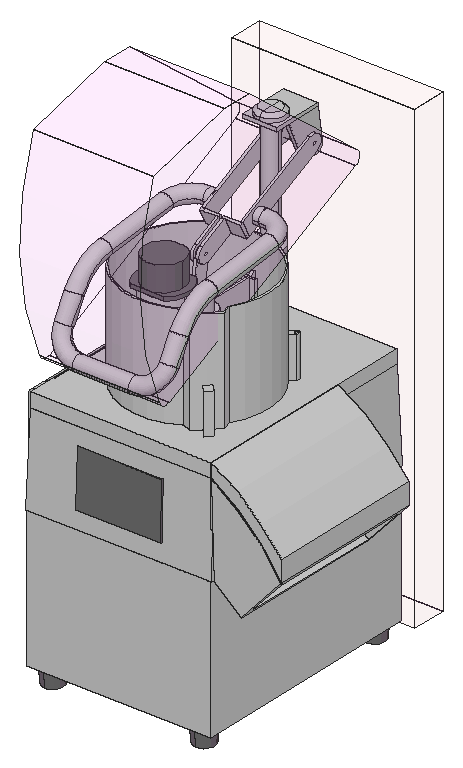
Revit family "Cortadora_CA-41_1_GENERADO", category Equipos especializados, Revit 2014
Parameters (values of type "Vegetable preparation machine CA-41 220-380/60/3N")
  Width = 391 mm
  Weight in Pounds = 51.8
  Volts = 220 V
  URL Cutsheet = "http://www.sammic.com/dl/455019/7b4ae/ps-en-1050726-vegetable-preparation-machine-ca-41.pdf"
  URL = "https://www.sammic.com/model/1050726"
  Specification by Manufacturer = "Single-speed motor block +  large production attachment.\n· Uniform, high-quality cut.\n· Ergonomic design.\n· Head with blade on one side that cuts and distributes products inside the mouth and distributes whole products such as cabbage.\n· High ejector: processes a higher quantity of product, obtaining a high production without affecting the final quality.\n· Lateral product output: requires less space on the worktop and guides the product, avoiding splashes.\n· Lever and lid easily removable for cleaning purposes.\n· Accredited by NSF International."
  Show Logo [instance] = yes
  Show Clearances [instance] = yes
  Revision Code = "1"
  Phase = 3
  Modelo = "1050726"
  Height = 652 mm
  Foodservice Equipment Identifier = yes
  Fabricante = "SAMMIC S.L."
  FL Amps = 2 A
  Electric Connection Type = ""
  Descripción = "Vegetable preparation machine CA-41 220-380/60/3N"
  Depth = 396 mm
  Cycle = 60 Hz
  Type Comments = "High production vegetable preparation machine with an hourly output of up to 1,300 lbs. / 650 Kg.\n\nELECTRICAL DATA:\n\n380V/60Hz/3N~ (1.5A)"
Types (8, lengths in mm): name | Width | Weight in Pounds | Volts | URL Cutsheet | URL | Phase | Modelo | Height | Fabricante | FL Amps | Electric Connection Type | Descripción | Depth | Cycle | Type Comments
  (no name) | 0 | 0 | 0 V | "" | 0 | 0 | 0 | 0 | 0 | 0 A | "" | 0 | 0 | 0 Hz | ""
  Vegetable preparation machine CA-41 230-400/50/3N | 391 | 51.8 | 400 V | "http://www.sammic.com/dl/454798/7ac7e/ps-en-1050721-vegetable-preparation-machine-ca-41.pdf" | "https://www.sammic.com/model/1050721" | 3 | "1050721" | 652 | "SAMMIC S.L." | 1 A | "" | "Vegetable preparation machine CA-41 230-400/50/3N" | 396 | 50 Hz | "High production vegetable preparation machine with an hourly output of up to 1,300 lbs. / 650 Kg.\n\nELECTRICAL DATA:\n\n230V/50Hz/3~ (2.6A)"
  Vegetable preparation machine CA-41 230/50/1 | 391 | 52.9 | 230 V | "http://www.sammic.com/dl/455021/81103/ps-en-1050731-vegetable-preparation-machine-ca-41.pdf" | "https://www.sammic.com/model/1050731" | 1 | "1050731" | 652 | "SAMMIC S.L." | 3 A | "" | "Vegetable preparation machine CA-41 230/50/1" | 396 | 50 Hz | "High production vegetable preparation machine with an hourly output of up to 1,300 lbs. / 650 Kg.\n\nELECTRICAL DATA:\n\n  V/50Hz/  ~ (  A)"
  Vegetable preparation machine CA-41 120/60/1 | 391 | 52.9 | 120 V | "http://www.sammic.com/dl/454797/79c74/ps-en-1050720-vegetable-preparation-machine-ca-41.pdf" | "https://www.sammic.com/model/1050720" | 1 | "1050720" | 652 | "SAMMIC S.L." | 4 A | "USA" | "Vegetable preparation machine CA-41 120/60/1" | 396 | 60 Hz | "High production vegetable preparation machine with an hourly output of up to 1,300 lbs. / 650 Kg.\n\nELECTRICAL DATA:\n\n  V/60Hz/  ~ (  A)"
  Vegetable preparation machines CA-41 220/60/1 KSA | 391 | 52.9 | 220 V | "http://www.sammic.com/dl/454799/2c9ff/ps-en-1050722-vegetable-preparation-machine-ca-41.pdf" | "https://www.sammic.com/model/1050722" | 1 | "1050722" | 652 | "SAMMIC S.L." | 3 A | "" | "Vegetable preparation machines CA-41 220/60/1 KSA" | 396 | 60 Hz | "High production vegetable preparation machine with an hourly output of up to 1,300 lbs. / 650 Kg.\n\nELECTRICAL DATA:\n\n  V/60Hz/  ~ (  A)"
  Vegetable preparation machine CA-41 220/60/1 | 391 | 52.9 | 220 V | "http://www.sammic.com/dl/455018/9b6e6/ps-en-1050725-vegetable-preparation-machine-ca-41.pdf" | "https://www.sammic.com/model/1050725" | 1 | "1050725" | 652 | "SAMMIC S.L." | 3 A | "EU" | "Vegetable preparation machine CA-41 220/60/1" | 396 | 60 Hz | "High production vegetable preparation machine with an hourly output of up to 1,300 lbs. / 650 Kg.\n\nELECTRICAL DATA:\n\n  V/60Hz/  ~ (  A)"
  Vegetable preparation machine CA-41 220-380/60/3N | 391 | 51.8 | 220 V | "http://www.sammic.com/dl/455019/7b4ae/ps-en-1050726-vegetable-preparation-machine-ca-41.pdf" | "https://www.sammic.com/model/1050726" | 3 | "1050726" | 652 | "SAMMIC S.L." | 2 A | "" | "Vegetable preparation machine CA-41 220-380/60/3N" | 396 | 60 Hz | "High production vegetable preparation machine with an hourly output of up to 1,300 lbs. / 650 Kg.\n\nELECTRICAL DATA:\n\n380V/60Hz/3N~ (1.5A)"
  Vegetable preparation machine CA-41 230/50/1 AUS | 391 | 52.9 | 230 V | "http://www.sammic.com/dl/455020/ca6f1/ps-en-1050728-vegetable-preparation-machine-ca-41.pdf" | "https://www.sammic.com/model/1050728" | 1 | "1050728" | 652 | "SAMMIC S.L." | 3 A | "AU/NZ" | "Vegetable preparation machine CA-41 230/50/1 AUS" | 396 | 50 Hz | "High production vegetable preparation machine with an hourly output of up to 1,300 lbs. / 650 Kg.\n\nELECTRICAL DATA:\n\n  V/50Hz/  ~ (  A)"
Values of the unnamed type that differ from the named types
  Specification by Manufacturer = ""
  Revision Code = ""
Reference planes
  plane 1 "Centro (Frontal/Posterior)": y = 0
  plane 2: z = 0
  plane 3 "Centro (Izquierda/Derecha)": x = 0
  plane 4: x = 357.084
  plane 5: x = -17.689
  plane 6: y = 25.2
  plane 7: z = 603.55
  plane 8: y = -28.249
Forms (mm)
  Extrusion 1, solid
    sketch origin (0, 0, 0) x (1, 0, 0) y (0, 1, 0)
      loop
        line (0, 0) -> (0, -336.5) -> (259.8, -336.5) -> (259.8, 0) -> (0, 0)
    from 21 to 219
  Revolve 2, solid
    sketch origin (23, 0, 0) x (0, 1, 0) y (0, 0, 1)
      loop
        line (-335, 21) -> (-333.5, 0) -> (-319, 0) -> (-319, 21) -> (-335, 21)
      axis (-319, 21) -> (-319, 0)
    angle from 0 to 360
  Revolve 3, solid
    sketch origin (236.8, 0, 0) x (0, 1, 0) y (0, 0, 1)
      loop
        line (-335, 21) -> (-333.5, 0) -> (-319, 0) -> (-319, 21) -> (-335, 21)
      axis (-319, 21) -> (-319, 0)
    angle from 0 to 360
  Revolve 4, solid
    sketch origin (236.8, 301.5, 0) x (0, 1, 0) y (0, 0, 1)
      loop
        line (-335, 21) -> (-333.5, 0) -> (-319, 0) -> (-319, 21) -> (-335, 21)
      axis (-319, 21) -> (-319, 0)
    angle from 0 to 360
  Revolve 5, solid
    sketch origin (23, 301.5, 0) x (0, 1, 0) y (0, 0, 1)
      loop
        line (-335, 21) -> (-333.5, 0) -> (-319, 0) -> (-319, 21) -> (-335, 21)
      axis (-319, 21) -> (-319, 0)
    angle from 0 to 360
  Extrusion 6, solid
    sketch origin (0, 6.438, 118.514) x (0, 0.999908, 0.013581) y (0, -0.013581, 0.999908)
      loop
        line (-337.559, 209.463) -> (-338.558, 209.506) -> (-341.99, 129.58) -> (-340.991, 129.537) -> (-337.559, 209.463)
    from 69.9 to 189.9
  Revolve 7, solid
    sketch origin (-190.1, -3.6, 263.3) x (1, 0, 0) y (0, 1, 0)
      loop
        line (211.45, 2.8) -> (224.95, 2.8) -> (224.95, 28.8) -> (211.45, 28.8) -> (211.45, 2.8)
      axis (224.95, 28.8) -> (224.95, 2.8)
    angle from 0 to 360
  Extrusion 8, solid
    sketch origin (0, 0, 0) x (0, 1, 0) y (0, 0, 1)
      loop
        line (-66.749, 643.55) -> (-43.092, 590.479)
        arc (-43.092, 590.479) -> (-39.403, 586.162) -> (-33.959, 584.55) r 10
        line (-33.959, 584.55) -> (-17.73, 584.55)
        arc (-17.73, 584.55) -> (-10.133, 588.046) -> (-7.849, 596.091) r 10
        line (-7.849, 596.091) -> (-15.249, 643.55) -> (-66.749, 643.55)
      loop
        circle (-28.249, 603.55) r 6.125
    from 106.468 to 111.468
  Extrusion 9, solid
    sketch origin (43, 0, 0) x (0, 1, 0) y (0, 0, 1)
      loop
        line (-66.749, 643.55) -> (-43.092, 590.479)
        arc (-43.092, 590.479) -> (-39.403, 586.162) -> (-33.959, 584.55) r 10
        line (-33.959, 584.55) -> (-17.73, 584.55)
        arc (-17.73, 584.55) -> (-10.133, 588.046) -> (-7.849, 596.091) r 10
        line (-7.849, 596.091) -> (-15.249, 643.55) -> (-66.749, 643.55)
      loop
        circle (-28.249, 603.55) r 6.125
    from 106.468 to 111.468
  Extrusion 10, solid
    sketch origin (0, 0, 0) x (0, 1, 0) y (0, 0, 1)
      loop
        line (-88.249, 643.55) -> (-15.249, 643.55) -> (-15.249, 648.55) -> (-88.249, 648.55) -> (-88.249, 643.55)
    from 106.468 to 154.468
  Revolve 11, solid
    sketch origin (130.468, 0, 0) x (0, 1, 0) y (0, 0, 1)
      loop
        line (-85.249, 495.65) -> (-85.249, 483.65) -> (-67.749, 483.65) -> (-67.749, 495.65) -> (-85.249, 495.65)
      axis (-67.749, 495.65) -> (-67.749, 483.65)
    angle from 0 to 360
  Extrusion 12, solid
    sketch origin (0, 0, 0) x (1, 0, 0) y (0, 1, 0)
      loop
        circle (130.468, -67.749) r 11
    from 495.65 to 643.55
  Revolve 13, solid
    sketch origin (130.468, 0, 0) x (0, 1, 0) y (0, 0, 1)
      loop
        line (-87.749, 648.55) -> (-67.749, 648.55) -> (-67.749, 658.55) -> (-82.749, 658.55) -> (-87.749, 653.55) -> (-87.749, 648.55)
      axis (-67.749, 658.55) -> (-67.749, 648.55)
    angle from 0 to 360
  Extrusion 14, solid
    sketch origin (0, 0, 0) x (1, 0, 0) y (0, 1, 0)
      loop
        circle (130.52, -257.976) r 27.5
    from 520.75 to 555.75
  Extrusion 15, solid
    sketch origin (-127.456, -388.496, 0) x (0, 1, 0) y (-1, 0, 0)
      loop
        line (101.52, -234.933) -> (101.52, -281.019)
        arc (101.52, -281.019) -> (130.551, -294.976) -> (159.52, -280.889) r 37
        line (159.52, -280.889) -> (159.52, -235.063)
        arc (159.52, -235.063) -> (130.551, -220.976) -> (101.52, -234.933) r 37
    from 515.75 to 520.75
  Extrusion 16, solid
    sketch origin (0, 0, 0) x (0, 1, 0) y (0, 0, 1)
      loop
        arc (-370.117, 444.8) -> (-363.489, 437.196) -> (-353.402, 437.283) r 12.066
        line (-353.402, 437.283) -> (-23.14, 592.692)
        arc (-23.14, 592.692) -> (-16.428, 601.487) -> (-19.764, 612.035) r 12
        line (-19.764, 612.035) -> (-211.712, 767.3) -> (-255.375, 767.3) -> (-381.193, 735.858)
        arc (-381.193, 735.858) -> (-404.905, 589.216) -> (-370.117, 444.8) r 376.928
    from 45.159 to 215.183
  Extrusion 17, solid
    sketch origin (0, 0, 0) x (0, 1, 0) y (0, 0, 1)
      loop
        line (25.2, 658.55) -> (25.2, 0) -> (75.2, 0) -> (75.2, 658.55) -> (25.2, 658.55)
    from 0 to 259.8
Lines and regions (mm)
  symbolic lines, style "200-EquipBorder-2D"
    curve 1: line (48.321, 25.2, 0) -> (21.35, 25.2, 0)
    curve 2: line (21.35, 25.2, 0) -> (21.35, 0, 0)
    curve 3: line (21.35, 0, 0) -> (-1.6, 0, 0)
    curve 4: line (357.084, -333.216, 0) -> (357.084, -107.816, 0)
    curve 5: line (261.4, 0, 0) -> (48.321, 0, 0)
    curve 6: line (48.321, 0, 0) -> (48.321, 25.2, 0)
    curve 7: line (-1.6, -337, 0) -> (-1.6, -311.7, 0)
    curve 8: line (-1.6, -311.7, 0) -> (-17.689, -311.7, 0)
    curve 9: line (-17.689, -311.7, 0) -> (-17.689, -291.7, 0)
    curve 10: line (-17.689, -291.7, 0) -> (-1.6, -291.7, 0)
    curve 11: line (-1.6, -291.7, 0) -> (-1.6, -290.7, 0)
    curve 12: line (-1.6, -290.7, 0) -> (-17.689, -290.7, 0)
    curve 13: line (-17.689, -290.7, 0) -> (-17.689, -86.2, 0)
    curve 14: line (-17.689, -86.2, 0) -> (-1.6, -86.2, 0)
    curve 15: line (-1.6, -86.2, 0) -> (-1.6, -85.2, 0)
    curve 16: line (-1.6, -85.2, 0) -> (-17.689, -85.2, 0)
    curve 17: line (-17.689, -85.2, 0) -> (-17.689, -65.2, 0)
    curve 18: line (-17.689, -65.2, 0) -> (-1.6, -65.2, 0)
    curve 19: line (-1.6, -65.2, 0) -> (-1.6, 0, 0)
    curve 20: line (261.4, 0, 0) -> (261.4, -107.816, 0)
    curve 21: line (261.4, -107.816, 0) -> (357.084, -107.816, 0)
    curve 22: line (-1.6, -337, 0) -> (44.968, -337, 0)
    curve 23: line (44.968, -337, 0) -> (44.968, -341, 0)
    curve 24: line (44.968, -341, 0) -> (215.968, -337, 0)
    curve 25: line (215.968, -337, 0) -> (261.4, -337, 0)
    curve 26: line (261.4, -337, 0) -> (261.4, -333.216, 0)
    curve 27: line (261.4, -333.216, 0) -> (357.084, -333.216, 0)
  symbolic lines, style "QF-Door-Drawer_Clearances"
    curve 28: line (45.159, -405.178, 0) -> (215.183, -405.178, 0)
  symbolic lines, style "QF-Clearances"
    curve 29: line (0, 75.2, 0) -> (259.8, 75.2, 0)
Dimensions and locks
  aligned and locked: level to plane 2
Nested families
  nested 1: "CK-35_Cortadora_Entrada" at (0, 0, 0), type "CK-35_Cortadora_Entrada"
    with Show Logo yes, Show Clearances yes
  nested 2: "CA-401_Cortadora_Entrada_Tapa" at (0, 0, 0), type "CA-401_Cortadora_Entrada_Tapa"
    with Show Logo yes, Show Clearances yes
  nested 3: "CA-401_Cortadora_Pisador" at (0, 0, 0), type "CA-401_Cortadora_Pisador"
    with Show Logo yes, Show Clearances yes
  nested 4: "CA-401_Cortadora_Palanca" at (130.468, -209.849, 11.171), type "CA-401_Cortadora_Palanca"
    with Show Logo yes, Show Clearances yes
Connectors
  electrical at (34.85, -0.8, 263.3)
    settings: on Revolve 7, index 1, voltage 230 V, apparent load 0 VA, apparent load phase1 0 VA, apparent load phase2 0 VA, apparent load phase3 0 VA, power factor 1, load classification "Otro", number of poles 1, system type 31, power factor state 1, is connector primary yes, connector utility no, sub classification motor no, connector description "Conexion electrica"
Definition of nested family "CK-35_Cortadora_Entrada"
  Parameters (values of type "CK-35_Cortadora_Entrada")
    Show Logo [instance] = yes
    Show Clearances [instance] = yes
  Reference planes
    plane 1 "Centro (Frontal/Posterior)": y = 0
    plane 2: z = 0
    plane 3 "Centro (Izquierda/Derecha)": x = 0
    plane 4: z = 219
  Forms (mm)
    Extrusion 1, solid
      sketch origin (0, 0, 0) x (1, 0, 0) y (0, 1, 0)
        loop
          line (-1.6, 0.5) -> (-1.6, -337) -> (261.4, -337) -> (261.4, 0.5) -> (-1.6, 0.5)
      from 219 to 348
    Extrusion 2, void
      sketch origin (0, 0, 0) x (1, 0, 0) y (0, 0, 1)
        loop
          line (2.9, 367.3) -> (2.9, 368.3) -> (-2.6, 368.3) -> (-2.6, 218) -> (-1.6, 218) -> (-1.6, 219) -> (2.9, 367.3)
        loop
          line (256.9, 368.3) -> (256.9, 367.3) -> (261.4, 219) -> (261.4, 218) -> (262.4, 218) -> (262.4, 368.3) -> (256.9, 368.3)
      from 0 to 337
    Extrusion 3, void
      sketch origin (0, 0, 0) x (0, 1, 0) y (0, 0, 1)
        loop
          line (-332.65, 367.3) -> (-332.65, 368.3) -> (-338, 368.3) -> (-338, 218) -> (-337, 218) -> (-337, 219) -> (-332.65, 367.3)
        loop
          line (-3.85, 367.3) -> (0, 219) -> (0, 218) -> (1.5, 218) -> (1.5, 368.3) -> (-3.85, 368.3) -> (-3.85, 367.3)
      from -1.6 to 261.4
    Extrusion 4, solid
      sketch origin (0, 0, 0) x (1, 0, 0) y (0, 0, 1)
        loop
          line (261.4, 219) -> (301, 185.8) -> (357.084, 248.401)
          arc (357.084, 248.401) -> (313.501, 304.417) -> (257.486, 348) r 286.5
          line (257.486, 348) -> (261.4, 219)
      from 107.816 to 333.216
    Extrusion 5, void
      sketch origin (0, 0, 0) x (1, 0, 0) y (0, 0, 1)
        loop
          line (262.77, 338.706) -> (266.33, 221.392) -> (308.172, 186.312) -> (356.653, 240.426)
          arc (356.653, 240.426) -> (315.239, 294.846) -> (262.77, 338.706) r 305.9
      from 112.816 to 328.216
    Extrusion 6, solid
      sketch origin (0, 0, 0) x (1, 0, 0) y (0, 0, 1)
        loop
          line (-0.426, 257.7) -> (2.314, 348)
          arc (2.314, 348) -> (-7.687, 358.002) -> (-17.689, 348) r 10.002
          line (-17.689, 348) -> (-17.689, 282.8) -> (-0.426, 257.7)
        loop
          circle (-7.687, 348) r 5
      from 291.7 to 311.7
    Extrusion 7, solid
      sketch origin (0, 231.5, 0) x (1, 0, 0) y (0, 0, 1)
        loop
          line (-0.426, 257.7) -> (2.314, 348)
          arc (2.314, 348) -> (-7.687, 358.002) -> (-17.689, 348) r 10.002
          line (-17.689, 348) -> (-17.689, 282.8) -> (-0.426, 257.7)
        loop
          circle (-7.687, 348) r 5
      from 296.7 to 316.7
  Cuts and joins
    Extrusion 2, Extrusion 3 cuts Extrusion 1
    Extrusion 5 cuts Extrusion 4
  Dimensions and locks
    aligned and locked: level to plane 2
Definition of nested family "CA-401_Cortadora_Entrada_Tapa"
  Parameters (values of type "CA-401_Cortadora_Entrada_Tapa")
    Show Logo [instance] = yes
    Show Clearances [instance] = yes
  Reference planes
    plane 1 "Centro (Frontal/Posterior)": y = 0
    plane 2: z = 0
    plane 3 "Centro (Izquierda/Derecha)": x = 0
    plane 4: z = 348
    plane 5: y = -198.591
    plane 6: x = 130.468
  Forms (mm)
    Extrusion 1, solid
      sketch origin (0, 0, 0) x (1, 0, 0) y (0, 1, 0)
        loop
          line (-1.6, 0.5) -> (-1.6, -337) -> (261.4, -337) -> (261.4, 0.5) -> (-1.6, 0.5)
      from 348 to 367.3
    Extrusion 2, void
      sketch origin (0, 0, 0) x (1, 0, 0) y (0, 0, 1)
        loop
          line (2.9, 367.3) -> (2.9, 368.3) -> (-2.6, 368.3) -> (-2.6, 218) -> (-1.6, 218) -> (-1.6, 219) -> (2.9, 367.3)
        loop
          line (256.9, 368.3) -> (256.9, 367.3) -> (261.4, 219) -> (261.4, 218) -> (262.4, 218) -> (262.4, 368.3) -> (256.9, 368.3)
      from 0 to 337
    Extrusion 3, void
      sketch origin (0, 0, 0) x (0, 1, 0) y (0, 0, 1)
        loop
          line (-332.65, 367.3) -> (-332.65, 368.3) -> (-338, 368.3) -> (-338, 348) -> (-337, 348) -> (-337, 219) -> (-332.65, 367.3)
        loop
          line (-3.85, 367.3) -> (0, 219) -> (0, 218) -> (1.5, 218) -> (1.5, 368.3) -> (-3.85, 368.3) -> (-3.85, 367.3)
      from -1.6 to 261.4
    Extrusion 4, solid
      sketch origin (0, 0, 0) x (1, 0, 0) y (0, 0, 1)
        loop
          line (256.9, 367.3) -> (257.486, 348)
          arc (257.486, 348) -> (313.501, 304.417) -> (357.084, 248.401) r 286.5
          line (357.084, 248.401) -> (357.084, 278.8)
          arc (357.084, 278.8) -> (311.937, 328.648) -> (256.9, 367.3) r 302.8
      from 107.816 to 332.65
    Extrusion 5, solid
      sketch origin (0, 0, 0) x (1, 0, 0) y (0, 0, 1)
        loop
          line (2.9, 367.3) -> (-13.313, 356.269)
          arc (-13.313, 356.269) -> (-12.365, 339.16) -> (2.314, 348) r 10.002
          line (2.314, 348) -> (2.9, 367.3)
        loop
          circle (-7.687, 348) r 5
      from 86.2 to 290.7
    Extrusion 6, solid
      sketch origin (0, 0, 0) x (1, 0, 0) y (0, 1, 0)
        loop
          arc (191.103, -287.292) -> (205.777, -275.226) -> (218.097, -260.765) r 107.445
          line (218.097, -260.765) -> (215.183, -249.496)
          arc (215.183, -249.496) -> (61.195, -128.099) -> (179.886, -284.181) r 98.832
          line (179.886, -284.181) -> (191.103, -287.292)
        loop
          arc (216.86, -249.939) -> (60.026, -126.909) -> (180.301, -285.866) r 100.5
          line (180.301, -285.866) -> (192.689, -289.302)
          arc (192.689, -289.302) -> (207.568, -277.049) -> (220.079, -262.387) r 110
          line (220.079, -262.387) -> (216.86, -249.939)
      from 367.3 to 513.684
    Extrusion 7, solid
      sketch origin (0, 0, 0) x (1, 0, 0) y (0, 1, 0)
        loop
          circle (130.468, -67.749) r 12.1
        loop
          line (126.449, -84.346) -> (126.449, -98.171)
          arc (126.449, -98.171) -> (130.468, -98.091) -> (134.486, -98.171) r 100.5
          line (134.486, -98.171) -> (134.486, -84.346)
          arc (134.486, -84.346) -> (130.468, -50.673) -> (126.449, -84.346) r 17.076
        loop
          circle (211.568, -124.276) r 2.009
        loop
          line (208.848, -121.308) -> (201.785, -127.78)
          arc (201.785, -127.78) -> (204.564, -130.694) -> (207.225, -133.717) r 100.5
          line (207.225, -133.717) -> (214.288, -127.244)
          arc (214.288, -127.244) -> (214.536, -121.556) -> (208.848, -121.308) r 4.026
        loop
          line (214.656, -291.323) -> (221.848, -284.131) -> (211.115, -273.398)
          arc (211.115, -273.398) -> (207.57, -277.046) -> (203.86, -280.527) r 110
          line (203.86, -280.527) -> (214.656, -291.323)
      from 367.3 to 424.3
  Cuts and joins
    Extrusion 2, Extrusion 3 cuts Extrusion 1
  Dimensions and locks
    aligned and locked: level to plane 2
Definition of nested family "CA-401_Cortadora_Pisador"
  Parameters (values of type "CA-401_Cortadora_Pisador")
    Show Logo [instance] = yes
    Show Clearances [instance] = yes
  Reference planes
    plane 1 "Centro (Frontal/Posterior)": y = 0
    plane 2: z = 0
    plane 3 "Centro (Izquierda/Derecha)": x = 0
  Forms (mm)
    Extrusion 1, solid
      sketch origin (0, 0, 0) x (1, 0, 0) y (0, 1, 0)
        loop
          arc (146.25, -220.283) -> (148.839, -218.139) -> (151.14, -215.687) r 26.826
          arc (151.14, -215.687) -> (154.034, -214.24) -> (157.051, -215.408) r 4
          line (157.051, -215.408) -> (201.569, -259.925)
          arc (201.569, -259.925) -> (64.747, -131.524) -> (190.349, -270.92) r 93.9
          line (190.349, -270.92) -> (161.416, -241.988)
          arc (161.416, -241.988) -> (155.088, -233.321) -> (146.421, -226.993) r 34.818
          line (146.421, -226.993) -> (145.775, -226.346)
          arc (145.775, -226.346) -> (144.615, -223.205) -> (146.25, -220.283) r 4
        loop
          circle (130.52, -257.976) r 27.619
      from 367.3 to 375.3
    Extrusion 2, solid
      sketch origin (0, 0, 0) x (1, 0, 0) y (0, 1, 0)
        loop
          circle (130.52, -257.976) r 27.603
        loop
          circle (130.534, -257.94) r 30.298
      from 380.15 to 515.75
    Extrusion 3, solid
      sketch origin (0, 0, 0) x (1, 0, 0) y (0, 1, 0)
        loop
          arc (129.004, -174.026) -> (130.468, -223.2) -> (131.932, -174.026) r 24.609
          line (131.932, -174.026) -> (131.932, -108.629) -> (139.817, -108.629) -> (139.817, -105.143)
          arc (139.817, -105.143) -> (130.467, -104.691) -> (121.118, -105.173) r 93.859
          line (121.118, -105.173) -> (121.118, -108.629) -> (129.004, -108.629) -> (129.004, -174.026)
      from 380.15 to 459.15
    Extrusion 4, solid
      sketch origin (0, 0, 0) x (1, 0, 0) y (0, 1, 0)
        loop
          arc (201.702, -259.993) -> (64.757, -131.545) -> (190.45, -271.022) r 93.961
          line (190.45, -271.022) -> (161.416, -241.988)
          arc (161.416, -241.988) -> (155.088, -233.321) -> (146.421, -226.993) r 34.818
          line (146.421, -226.993) -> (145.773, -226.345)
          arc (145.773, -226.345) -> (144.614, -223.203) -> (146.251, -220.28) r 4
          arc (146.251, -220.28) -> (148.855, -218.124) -> (151.167, -215.656) r 26.743
          arc (151.167, -215.656) -> (154.061, -214.205) -> (157.081, -215.372) r 4
          line (157.081, -215.372) -> (201.702, -259.993)
        loop
          circle (130.52, -257.976) r 27.603
        loop
          circle (130.407, -257.983) r 30.432
        loop
          arc (144.983, -218.571) -> (147.392, -216.576) -> (149.529, -214.293) r 24.7
          arc (149.529, -214.293) -> (153.871, -212.115) -> (158.403, -213.865) r 6
          line (158.403, -213.865) -> (201.771, -257.233)
          arc (201.771, -257.233) -> (216.489, -232.097) -> (222.634, -203.625) r 92.237
          line (222.634, -203.625) -> (209.099, -203.625) -> (209.099, -193.557) -> (222.628, -193.557)
          arc (222.628, -193.557) -> (204.155, -143.081) -> (160.679, -111.474) r 92.237
          line (160.679, -111.474) -> (144.728, -111.474) -> (139.817, -108.629) -> (121.118, -108.629) -> (116.208, -111.474) -> (100.386, -111.474)
          arc (100.386, -111.474) -> (56.91, -143.08) -> (38.436, -193.557) r 92.237
          line (38.436, -193.557) -> (51.837, -193.557) -> (51.837, -203.625) -> (38.43, -203.625)
          arc (38.43, -203.625) -> (92.55, -282.698) -> (187.66, -271.06) r 92.237
          line (187.66, -271.06) -> (163.484, -246.884) -> (159.568, -242.968)
          arc (159.568, -242.968) -> (153.6, -234.79) -> (145.421, -228.821) r 32.8
          line (145.421, -228.821) -> (144.267, -227.668)
          arc (144.267, -227.668) -> (142.528, -222.954) -> (144.983, -218.571) r 6
      from 375.3 to 380.15
    Extrusion 5, solid
      sketch origin (0, 0, 225) x (1, 0, 0) y (0, 1, 0)
        loop
          circle (130.468, -67.749) r 12.1
        loop
          circle (130.468, -67.749) r 17.076
      from 199.3 to 258.65
    Extrusion 6, solid
      sketch origin (0, 0, 0) x (1, 0, 0) y (0, 0, 1)
        loop
          line (51.837, 380.15) -> (51.837, 375.3) -> (105.859, 375.3) -> (105.859, 401.3) -> (51.837, 380.15)
        loop
          line (155.077, 401.3) -> (155.077, 375.3) -> (209.099, 375.3) -> (209.099, 380.15) -> (155.077, 401.3)
      from 196.083 to 201.091
    Extrusion 7, solid
      sketch origin (0, 0, 0) x (0, 1, 0) y (0, 0, 1)
        loop
          line (-84.826, 483.65) -> (-104.656, 459.15) -> (-104.656, 424.3) -> (-84.826, 424.3) -> (-84.826, 483.65)
      from 127.968 to 132.968
    Revolve 8, solid
      sketch origin (130.468, 0, 0) x (0, 1, 0) y (0, 0, 1)
        loop
          line (-217.613, 459.15) -> (-198.613, 459.15) -> (-198.613, 483.65) -> (-213.113, 483.65) -> (-213.113, 478.65) -> (-217.613, 478.65) -> (-217.613, 459.15)
        axis (-198.613, 483.65) -> (-198.613, 459.15)
      angle from 0 to 360
    Extrusion 9, void
      sketch origin (130.468, 0, 459.15) x (1, 0, 0) y (0, 1, 0)
        loop
          line (-2.4, -213.313) -> (2.4, -213.313) -> (2.4, -183.913) -> (-2.4, -183.913) -> (-2.4, -213.313)
      from 19.5 to 25
  Cuts and joins
    Extrusion 9 cuts Revolve 8
  Dimensions and locks
    aligned and locked: level to plane 2
Definition of nested family "CA-401_Cortadora_Palanca"
  Parameters (values of type "CA-401_Cortadora_Palanca")
    Show Logo [instance] = yes
    Show Clearances [instance] = yes
  Reference planes
    plane 1 "Centro (Frontal/Posterior)": y = 0
    plane 2: z = 0
    plane 3 "Centro (Izquierda/Derecha)": x = 0
  Forms (mm)
    Sweep 1, solid
      path origin (0, -112.778, 496.845) x (1, 0, 0) y (0, 0.510843, 0.859674)
        loop
          line (-74.5, 0) -> (-74.5, -36.14)
          arc (-74.5, -36.14) -> (-64.249, -60.889) -> (-39.5, -71.14) r 35
          line (-39.5, -71.14) -> (39.5, -71.14)
          arc (39.5, -71.14) -> (64.249, -60.889) -> (74.5, -36.14) r 35
          line (74.5, -36.14) -> (74.5, 0)
      profile origin (-74.5, -122.009, 481.31) x (1, 0, 0) y (0, -0.859674, 0.510843)
        loop
          circle (0, 0) r 11
    Sweep 2, solid
      path origin (0, -59.918, 530.702) x (1, 0, 0) y (0, 0.994522, 0.104528)
        loop
          line (-74.5, 0) -> (-74.5, 107.8)
          arc (-74.5, 107.8) -> (-64.249, 132.549) -> (-39.5, 142.8) r 35
          line (-39.5, 142.8) -> (-29, 142.8)
      profile origin (-74.5, -6.313, 536.336) x (-1, 0, 0) y (0, -0.104528, 0.994522)
        loop
          circle (0, 0) r 11
    Sweep 3, solid
      path origin (0, -59.918, 530.702) x (1, 0, 0) y (0, 0.994522, 0.104528)
        loop
          line (74.5, 0) -> (74.5, 107.8)
          arc (74.5, 107.8) -> (64.249, 132.549) -> (39.5, 142.8) r 35
          line (39.5, 142.8) -> (29, 142.8)
      profile origin (74.5, -6.313, 536.336) x (-1, 0, 0) y (0, -0.104528, 0.994522)
        loop
          circle (0, 0) r 11
    Sweep 4, solid
      path origin (0, -90.356, 520.031) x (0, 0.842076, 0.539359) y (0, -0.539359, 0.842076)
        loop
          arc (31.387, -7.431) -> (0, 0) -> (-31.387, -7.431) r 70
      profile origin (0, -90.356, 520.031) x (0, 0.539359, -0.842076) y (1, 0, 0)
        loop
          circle (0, 74.5) r 11
    Sweep 5, solid
      path origin (-149, -90.356, 520.031) x (0, 0.842076, 0.539359) y (0, -0.539359, 0.842076)
        loop
          arc (31.387, -7.431) -> (0, 0) -> (-31.387, -7.431) r 70
      profile origin (-149, -90.356, 520.031) x (0, 0.539359, -0.842076) y (1, 0, 0)
        loop
          circle (0, 74.5) r 11
    Extrusion 6, solid
      sketch origin (0, -575.044, 554.813) x (0, 0.165564, 0.986199) y (0, -0.986199, 0.165564)
        loop
          line (10, -602.379) -> (60, -602.379)
          arc (60, -602.379) -> (70, -592.379) -> (60, -582.379) r 10
          line (60, -582.379) -> (10, -582.379)
          arc (10, -582.379) -> (0, -592.379) -> (10, -602.379) r 10
        loop
          circle (10, -592.379) r 3
        loop
          circle (60, -592.379) r 5
      from -2 to 2
    Extrusion 7, solid
      sketch origin (0, -68.813, 1129.231) x (1, 0, 0) y (0, -0.904827, -0.425779)
        loop
          line (-29, 138.7) -> (-29, 134.7) -> (-2, 134.7) -> (-2, 138.7) -> (-29, 138.7)
      from 580.379 to 604.379
    Extrusion 8, solid
      sketch origin (31, -68.813, 1129.231) x (1, 0, 0) y (0, -0.904827, -0.425779)
        loop
          line (-29, 138.7) -> (-29, 134.7) -> (-2, 134.7) -> (-2, 138.7) -> (-29, 138.7)
      from 580.379 to 604.379
    Extrusion 9, solid
      sketch origin (31, -68.813, 1129.231) x (0, -0.904827, -0.425779) y (0, 0.425779, -0.904827)
        loop
          line (138.7, 604.379) -> (138.7, 580.379) -> (181.6, 580.379)
          arc (181.6, 580.379) -> (193.6, 592.379) -> (181.6, 604.379) r 12
          line (181.6, 604.379) -> (138.7, 604.379)
        loop
          circle (181.6, 592.379) r 3
      from -29 to -25
    Extrusion 10, solid
      sketch origin (23, -68.813, 1129.231) x (0, -0.904827, -0.425779) y (0, 0.425779, -0.904827)
        loop
          line (138.7, 604.379) -> (138.7, 580.379) -> (181.6, 580.379)
          arc (181.6, 580.379) -> (193.6, 592.379) -> (181.6, 604.379) r 12
          line (181.6, 604.379) -> (138.7, 604.379)
        loop
          circle (181.6, 592.379) r 3
      from -29 to -25
    Extrusion 11, solid
      sketch origin (31, -68.813, 1129.231) x (0, -0.904827, -0.425779) y (0, 0.425779, -0.904827)
        loop
          line (134.7, 604.379) -> (2, 604.379)
          arc (2, 604.379) -> (-10, 592.379) -> (2, 580.379) r 12
          line (2, 580.379) -> (134.7, 580.379) -> (134.7, 604.379)
        loop
          circle (2, 592.379) r 3
      from -6 to -2
    Extrusion 12, solid
      sketch origin (-23, -68.813, 1129.231) x (0, -0.904827, -0.425779) y (0, 0.425779, -0.904827)
        loop
          line (134.7, 604.379) -> (2, 604.379)
          arc (2, 604.379) -> (-10, 592.379) -> (2, 580.379) r 12
          line (2, 580.379) -> (134.7, 580.379) -> (134.7, 604.379)
        loop
          circle (2, 592.379) r 3
      from -6 to -2
  Dimensions and locks
    aligned and locked: level to plane 2
